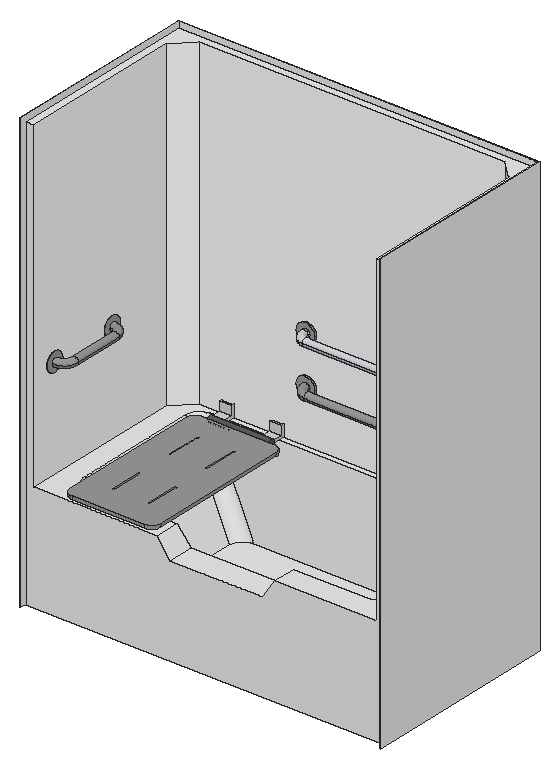
Revit family "CTS6032A18", category Plumbing Fixtures, Revit 2014
Parameters (values of type "CTS6032A18")
  Unit Width = 5' - 0"
  Unit Height = 6' - 1"
  URL = "http://www.best-bath.com"
  Type Comments = "ADA Compliant"
  Model = "CTS6032A18"
  Material [instance] = Best Bath Gelcoat Fiberglass - Classic Tile
  Manufacturer = "Best Bath Systems, Inc."
  Keynote = "22 40 00.D3"
  Description = "Classic Tile"
  Assembly Code = "D2010700"
Reference planes (in)
  plane 1 "Back": y = 0
  plane 2: z = 0
  plane 3 "Left": x = 0
  plane 4: x = 60
  plane 5: y = -32
  plane 6: z = 72
  plane 7: z = 73
  plane 8: x = 50.25
  plane 9: z = 18
  plane 10: y = -15
  plane 11: y = -1.5
  plane 12: x = 13.375
  plane 13: x = 53.25
  plane 14: y = -4
  plane 15: y = -26
  plane 16: y = -2.5
  plane 17: y = -28
  plane 18: x = 4.875
  plane 19: x = 56
  plane 20: z = 18
  plane 21: z = 15
  plane 22: z = 35
  plane 23: z = 27
  plane 24: z = 40
  plane 25: y = -33
Forms (in)
  Extrusion 1, solid, material "Best Bath Gelcoat Fiberglass - Smooth"
    sketch origin (0, 0, 0) x (1, 0, 0) y (0, 1, 0)
      loop
        line (58.5, -32) -> (60, -32) -> (60, 0) -> (0, 0) -> (0, -32) -> (1.5, -32) -> (1.5, -4.5) -> (4.5, -1.5) -> (55.5, -1.5) -> (58.5, -4.5) -> (58.5, -32)
    from 0 to 72
  Extrusion 2, solid, material "Best Bath Gelcoat Fiberglass - Smooth"
    sketch origin (0, 0, 0) x (1, 0, 0) y (0, 1, 0)
      loop
        line (0, -32) -> (60, -32) -> (60, 0) -> (0, 0) -> (0, -32)
      loop
        circle (50.25, -15) r 1
    from 0 to 18
  Blend 3, void
    base sketch origin (0, 0, 0) x (1, 0, 0) y (0, 1, 0)
      loop
        arc (15.625, -4) -> (14.03401, -4.65901) -> (13.375, -6.25) r 2.25
        line (13.375, -6.25) -> (13.375, -23.75)
        arc (13.375, -23.75) -> (14.03401, -25.34099) -> (15.625, -26) r 2.25
        line (15.625, -26) -> (51, -26)
        arc (51, -26) -> (52.59099, -25.34099) -> (53.25, -23.75) r 2.25
        line (53.25, -23.75) -> (53.25, -6.25)
        arc (53.25, -6.25) -> (52.59099, -4.65901) -> (51, -4) r 2.25
        line (51, -4) -> (15.625, -4)
    top sketch origin (0, 0, 0) x (1, 0, 0) y (0, 1, 0)
      loop
        arc (7.125, -2.5) -> (5.53401, -3.15901) -> (4.875, -4.75) r 2.25
        line (4.875, -4.75) -> (4.875, -25.75)
        arc (4.875, -25.75) -> (5.53401, -27.34099) -> (7.125, -28) r 2.25
        line (7.125, -28) -> (53.75, -28)
        arc (53.75, -28) -> (55.34099, -27.34099) -> (56, -25.75) r 2.25
        line (56, -25.75) -> (56, -4.75)
        arc (56, -4.75) -> (55.34099, -3.15901) -> (53.75, -2.5) r 2.25
        line (53.75, -2.5) -> (7.125, -2.5)
    from 2.23617 to 18
  Extrusion 4, void
    sketch origin (0, 0, 0) x (1, 0, 0) y (0, 0, 1)
      loop
        line (22.125, 18) -> (24.14853, 15) -> (39.55178, 15) -> (41.5, 18) -> (22.125, 18)
    from 26 to 32
  Extrusion 5, solid, material "Best Bath Gelcoat Fiberglass - Smooth"
    sketch origin (0, 0, 0) x (1, 0, 0) y (0, 1, 0)
      loop
        line (0, -33) -> (0.125, -33) -> (0.125, -0.125) -> (59.875, -0.125) -> (59.875, -33) -> (60, -33) -> (60, 0) -> (0, 0) -> (0, -33)
    from 0 to 73
Cuts and joins
  Extrusion 4 cuts Extrusion 1
  Blend 3, Extrusion 4 cuts Extrusion 2
  joined: Extrusion 1, Extrusion 2, Extrusion 5
Dimensions and locks (in)
  "Unit Width": plane 3 "Left" to plane 4
  locked: plane 7 to plane 6 at 1
  "Unit Height": plane 7 to level
  plane 3 "Left" to plane 8 to plane 4 = 4' - 2 1/4", 0' - 9 3/4"
  plane 10 to plane 1 "Back" = 1' - 3"
  locked: plane 13 to plane 4 at 6.75
  locked: plane 15 to plane 5 at 6
  locked: plane 3 "Left" to plane 12 at 13.375
  locked: Extrusion 1 to plane 14 at 4
  locked: plane 16 to plane 1 "Back" at 2.5
  locked: plane 17 to plane 5 at 4
  locked: plane 19 to plane 4 at 4
  locked: plane 3 "Left" to plane 18 at 4.875
  locked: Extrusion 4 sketch curve to Extrusion 4 sketch curve at 3.57709
  locked: Extrusion 4 sketch curve to Extrusion 4 sketch curve at 3.61865
  locked: plane 9 to level at 18
  locked: plane 22 to plane 9 at 17
  plane 23 to plane 9 = 0' - 9"
  locked: plane 24 to plane 9 at 22
  locked: plane 5 to plane 25 at 1
  locked: plane 25 to plane 1 "Back" at 33
  radius of Blend 3 sketch curve = 0' - 2 1/4"  (x4)
  aligned and locked: level to plane 2
  aligned and locked: plane 6 to Extrusion 1
  aligned and locked: Extrusion 1 sketch curve to plane 4
  aligned and locked: plane 5 to Extrusion 1 sketch curve
  aligned and locked: Extrusion 1 sketch curve to plane 5
  aligned and locked: Extrusion 2 sketch curve to Extrusion 1  (x3)
  aligned and locked: Extrusion 2 sketch curve to plane 1 "Back"
  aligned and locked: plane 10 to Extrusion 2 sketch curve
  aligned and locked: plane 8 to Extrusion 2 sketch curve
  aligned and locked: plane 15 to Blend 3 sketch curve
  aligned and locked: Blend 3 sketch curve to plane 14
  aligned and locked: Blend 3 sketch curve to plane 13
  aligned and locked: plane 12 to Blend 3 sketch curve
  aligned and locked: plane 18 to Blend 3 sketch curve
  aligned and locked: Blend 3 sketch curve to plane 19
  aligned and locked: plane 17 to Blend 3 sketch curve
  aligned and locked: Blend 3 sketch curve to plane 16
  aligned and locked: plane 20 to Extrusion 4 sketch curve
  aligned and locked: plane 21 to Extrusion 4 sketch curve
  aligned and locked: Extrusion 4 to plane 5
  aligned and locked: Extrusion 4 to cut or joined group of Extrusion 1, Extrusion 2, Blend 3, Extrusion 4, Extrusion 5
  aligned and locked: plane 9 to cut or joined group of Extrusion 1, Extrusion 2, Blend 3, Extrusion 4, Extrusion 5
  aligned and locked: plane 23 to nested 3
  aligned and locked: plane 7 to Extrusion 5
Automatic sketch dimensions
  plane 1 "Back" to Extrusion 1 sketch curve = 0' - 0"
  Extrusion 1 sketch curve to plane 3 "Left" = 0' - 0"
  Extrusion 1 sketch curve to plane 11 = 0' - 0"
  plane 4 to Extrusion 1 sketch curve = 0' - 1 1/2"
  Extrusion 1 sketch curve to plane 11 = 0' - 3"  (x2)
  plane 3 "Left" to Extrusion 1 sketch curve = 0' - 1 1/2"
  Extrusion 1 sketch curve to Extrusion 1 sketch curve = 0' - 3"  (x2)
  plane 18 to Blend 3 sketch curve = 0' - 2 1/4"  (x2)
  plane 17 to Blend 3 sketch curve = 0' - 2 1/4"
  Blend 3 sketch curve to plane 19 = 0' - 2 1/4"
  plane 3 "Left" to Extrusion 4 sketch curve = 1' - 10 1/8"
  plane 8 to Extrusion 4 sketch curve = 0' - 8 3/4"
  plane 1 "Back" to Extrusion 5 sketch curve = 0' - 0"
  Extrusion 5 sketch curve to plane 3 "Left" = 0' - 0"
  Extrusion 5 sketch curve to plane 25 = 0' - 0"  (x2)
  plane 1 "Back" to Extrusion 5 sketch curve = 0' - 0 1/8"
  Extrusion 5 sketch curve to plane 4 = 0' - 0"
  plane 3 "Left" to Extrusion 5 sketch curve = 0' - 0 1/8"
  Extrusion 5 sketch curve to Extrusion 5 sketch curve = 0' - 0 1/8"
  radius of Extrusion 2 sketch curve = 0' - 1"
Nested families (in)
  nested 1: "Grab Bar - L shape" at (58.5, -1.5, -1.97512) x (-1, 0, 0) z (0, 0, 1), type "27" x 36" x 1.25""
  nested 2: "Grab Bar - horiz" at (1.5, -28, 0.375) x (0, 1, 0) z (0, 0, 1), type "12" x 1.25""
  nested 3: "Grab Bar - horiz" at (22.5, -1.5, -7.625), type "24" x 1.25""
  nested 4: "Grab Bar - vertical" at (58.5, -28, 0.375) x (0, -1, 0) z (0, 0, 1), type "18" x 1.25""
  nested 5: "ADA Shower Seat" at (23.25, -18, -0.125) x (0, -1, 0) z (0, 0, 1), type "SE3015PHSO"
Definition of nested family "Grab Bar - L shape"
  Parameters (values of type "18" x 33" x 1.25"")
    Single Anchor Bar Length = 1' - 6"
    Mounting Height = 3' - 3"
    URL = "http://seachrome.com/"
    Threshold Height = 0' - 2.02488"
    Model = "GB3236QSS"
    Manufacturer = "Seachrome Corp."
    Keynote = "10 28 00.C1"
    Double Anchor Bar Length = 2' - 9"
    Description = "18\" x 33\" x 1.25\" L Grab Bar"
    Assembly Code = "C1030200"
  Types (4): name | Single Anchor Bar Length | Model | Double Anchor Bar Length | Description
    18" x 33" x 1.25" | 1' - 6" | "GB3236QSS" | 2' - 9" | "18\" x 33\" x 1.25\" L Grab Bar"
    32" x 36" x 1.25" | 2' - 8" | "GB3236QSS" | 3' - 0" | "18\" x 33\" x 1.25\" L Grab Bar"
    27" x 36" x 1.25" | 2' - 3" | "GB2736QSSW" | 3' - 0" | "18\" x 33\" x 1.25\" L Grab Bar"
    42" x 50" x 1.25" | 3' - 6" | "GB4250QSS" | 4' - 2" | "42\" x 50\" x 1.25\" L Grab Bar"
  Reference planes (in)
    plane 1 "Center (Front/Back)": y = 0
    plane 2: z = 0
    plane 3 "Center (Left/Right)": x = 0
    plane 4: z = 36.97512
    plane 5: z = -2.02488
    plane 6: y = -2.125
    plane 7: x = 2.125
    plane 8: x = 6
    plane 9: x = 33
    plane 10: y = -18
  Forms (in)
    Extrusion 1, solid, material "Stainless Steel, Brushed"
      sketch origin (0, 0, 0) x (1, 0, 0) y (0, 0, 1)
        loop
          circle (6, 36.97512) r 1.5625
        loop
          circle (33, 36.97512) r 1.5625
      from 0 to 0.25
    Extrusion 2, solid
      sketch origin (0, 0, 0) x (0, 1, 0) y (0, 0, 1)
        loop
          circle (-18, 36.97512) r 1.5
      from 0 to 0.25
    Sweep 3, solid
      path origin (0, 0, 0) x (1, 0, 0) y (0, 1, 0)
        loop
          line (0.25, -18) -> (0.625, -18)
          arc (0.625, -18) -> (1.68566, -17.56066) -> (2.125, -16.5) r 1.5
          line (2.125, -16.5) -> (2.125, -3.625)
          arc (2.125, -3.625) -> (2.56434, -2.56434) -> (3.625, -2.125) r 1.5
          line (3.625, -2.125) -> (31.5, -2.125)
          arc (31.5, -2.125) -> (32.56066, -1.68566) -> (33, -0.625) r 1.5
          line (33, -0.625) -> (33, -0.25)
      profile origin (0.4375, -18, 0) x (0, 1, 0) y (0, 0, 1)
        loop
          circle (0, 36.98831) r 0.625
    Sweep 4, solid
      path origin (0, 0, 0) x (1, 0, 0) y (0, 1, 0)
        loop
          line (6, -0.25) -> (6, -2.125)
      profile origin (6, -1.1875, 0) x (1, 0, 0) y (0, 0, 1)
        loop
          circle (0, 36.98831) r 0.62
  Dimensions and locks (in)
    "Threshold Height": level to plane 5
    "Mounting Height": plane 4 to plane 5
    locked: plane 3 "Center (Left/Right)" to plane 7 at 2.125
    locked: plane 3 "Center (Left/Right)" to plane 8 at 6
    locked: plane 6 to plane 1 "Center (Front/Back)" at 2.125
    "Double Anchor Bar Length": plane 3 "Center (Left/Right)" to plane 9
    "Single Anchor Bar Length": plane 10 to plane 1 "Center (Front/Back)"
    plane 4 to plane 5 = 3' - 3"
    level to plane 5 = 0' - 2.02488"
    aligned and locked: level to plane 2
    aligned and locked: plane 8 to Extrusion 1 sketch curve
    aligned and locked: plane 4 to Extrusion 1 sketch curve
    aligned and locked: plane 9 to Extrusion 1 sketch curve
    aligned and locked: plane 10 to Extrusion 2 sketch curve
    aligned and locked: plane 4 to Extrusion 2 sketch curve
  Automatic sketch dimensions
    Extrusion 1 sketch curve to plane 4 = 0' - 0"
    Sweep 3 sketch curve to plane 10 = 0' - 0"
    Sweep 3 sketch curve to plane 7 = 0' - 0"
    Sweep 3 sketch curve to plane 6 = 0' - 0"
    Sweep 3 sketch curve to plane 9 = 0' - 0"
    plane 3 "Center (Left/Right)" to Sweep 3 sketch curve = 0' - 0 5/8"
    Sweep 3 sketch curve to plane 6 = 0' - 1 1/2"
    plane 1 "Center (Front/Back)" to Sweep 3 sketch curve = 0' - 0 5/8"
    plane 3 "Center (Left/Right)" to Sweep 3 sketch curve = 0' - 0 1/4"
    plane 1 "Center (Front/Back)" to Sweep 3 sketch curve = 0' - 0 1/4"
    Sweep 3 sketch curve to profile plane = 0' - 0"
    level to Sweep 3 sketch curve = 3' - 0.98831"
    Sweep 4 sketch curve to plane 6 = 0' - 0"
    Sweep 4 sketch curve to plane 8 = 0' - 0"
    plane 1 "Center (Front/Back)" to Sweep 4 sketch curve = 0' - 0 1/4"
    profile plane to Sweep 4 sketch curve = 0' - 0"
    level to Sweep 4 sketch curve = 3' - 0.98831"
    radius of Extrusion 1 sketch curve = 0' - 1 9/16"  (x2)
    radius of Extrusion 2 sketch curve = 0' - 1 1/2"
    radius of Sweep 3 sketch curve = 0' - 0 5/8"
    radius of Sweep 4 sketch curve = 0' - 0.62"
Definition of nested family "Grab Bar - horiz"
  Parameters (values of type "25" x 1/25"")
    Grab Bar Size = 2' - 1"
    URL = "http://seachrome.com/"
    Threshold Height = 0' - 0 5/8"
    Mounting Height = 2' - 10"
    Model = "GB25QSS"
    Manufacturer = "Seachrome Corp."
    Keynote = "10 28 00.C1"
    Description = "25\" x 1.25\" grab bar"
    Assembly Code = "C1030200"
  Types (5): name | Grab Bar Size | Model | Description
    12" x 1.25" | 1' - 0" | "GB12QSS" | "18\" x 1.25\" grab bar"
    27" x 1.25" | 2' - 3" | "GB27QSS" | "27\" x 1.25\" grab bar"
    24" x 1.25" | 2' - 0" | "GB24QSS" | "24\" x 1.25\" grab bar"
    48" x 1.25" | 4' - 0" | "GB48QSS" | "48\" x 1.25\" grab bar"
    25" x 1/25" | 2' - 1" | "GB25QSS" | "25\" x 1.25\" grab bar"
  Reference planes (in)
    plane 1 "Center (Front/Back)": y = 0
    plane 2: z = 0
    plane 3 "Center (Left/Right)": x = 0
    plane 4: z = 34.625
    plane 5: z = 0.625
    plane 6: x = 25
  Forms (in)
    Extrusion 1, solid, material "Stainless Steel, Brushed"
      sketch origin (0, 0, 0) x (1, 0, 0) y (0, 0, 1)
        loop
          circle (0, 34.625) r 1.5625
        loop
          circle (25, 34.625) r 1.5625
      from 0 to 0.25
    Sweep 2, solid, material "Stainless Steel, Brushed"
      path origin (0, 0, 0) x (1, 0, 0) y (0, 1, 0)
        loop
          line (0, -0.25) -> (0, -0.375)
          arc (0, -0.375) -> (0.51256, -1.61244) -> (1.75, -2.125) r 1.75
          line (1.75, -2.125) -> (23.25, -2.125)
          arc (23.25, -2.125) -> (24.48744, -1.61244) -> (25, -0.375) r 1.75
          line (25, -0.375) -> (25, -0.25)
      profile origin (12.5, -2.125, 0) x (0, 1, 0) y (0, 0, 1)
        loop
          circle (0, 34.625) r 0.625
  Dimensions and locks (in)
    "Threshold Height": plane 5 to level
    "Mounting Height": plane 4 to plane 5
    "Grab Bar Size": plane 6 to plane 3 "Center (Left/Right)"
    Sweep 2 sketch curve to plane 1 "Center (Front/Back)" = 0' - 2 1/8"
    aligned and locked: level to plane 2
  Automatic sketch dimensions
    Extrusion 1 sketch curve to plane 3 "Center (Left/Right)" = 0' - 0"
    Extrusion 1 sketch curve to plane 4 = 0' - 0"  (x2)
    Extrusion 1 sketch curve to plane 6 = 0' - 0"
    Sweep 2 sketch curve to plane 3 "Center (Left/Right)" = 0' - 0"
    plane 1 "Center (Front/Back)" to Sweep 2 sketch curve = 0' - 0 3/8"
    Sweep 2 sketch curve to plane 6 = 0' - 0"
    Sweep 2 sketch curve to plane 6 = 0' - 1 3/4"
    Sweep 2 sketch curve to Sweep 2 sketch curve = 0' - 0 1/8"  (x2)
    Sweep 2 sketch curve to profile plane = 0' - 0"
    level to Sweep 2 sketch curve = 2' - 10 5/8"
    radius of Extrusion 1 sketch curve = 0' - 1 9/16"  (x2)
    radius of Sweep 2 sketch curve = 0' - 0 5/8"
Definition of nested family "Grab Bar - vertical"
  Parameters (values of type "18" x 1.25"")
    Wall Clearance = 0' - 2 1/8"
    Mounting Height = 3' - 3"
    Grab Bar Size = 1' - 6"
    URL = "http://seachrome.com/"
    Threshold Height = 0' - 0 5/8"
    Model = "GB18QSS"
    Manufacturer = "Seachrome Corp."
    Keynote = "10 28 00.C1"
    Description = "18\" x 1.25\" grab bar"
    Assembly Code = "C1030200"
  Reference planes (in)
    plane 1 "Center (Front/Back)": y = 0
    plane 2: z = 0
    plane 3 "Center (Left/Right)": x = 0
    plane 4: z = 39.625
    plane 5: z = 57.625
    plane 6: z = 0.625
  Forms (in)
    Sweep 1, solid, material "Stainless Steel, Brushed"
      path origin (0, 0, 0) x (0, 1, 0) y (0, 0, 1)
        loop
          line (-0.25, 39.625) -> (-0.375, 39.625)
          arc (-0.375, 39.625) -> (-1.61244, 40.13756) -> (-2.125, 41.375) r 1.75
          line (-2.125, 41.375) -> (-2.125, 55.875)
          arc (-2.125, 55.875) -> (-1.61244, 57.11244) -> (-0.375, 57.625) r 1.75
          line (-0.375, 57.625) -> (-0.25, 57.625)
      profile origin (0, -0.3125, 39.625) x (0, 0, -1) y (1, 0, 0)
        loop
          circle (0, 0) r 0.625
    Extrusion 2, solid, material "Stainless Steel, Brushed"
      sketch origin (0, 0, 0) x (1, 0, 0) y (0, 0, 1)
        loop
          circle (0, 39.625) r 1.5625
        loop
          circle (0, 57.625) r 1.5625
      from 0 to 0.25
  Dimensions and locks (in)
    "Grab Bar Size": plane 5 to plane 4
    Extrusion 2 to Sweep 1 sketch curve = 0' - 1 7/8"
    "Threshold Height": plane 6 to level
    "Mounting Height": plane 4 to plane 6
    aligned and locked: level to plane 2
    aligned and locked: plane 5 to Sweep 1 sketch curve
    aligned and locked: Sweep 1 sketch curve to plane 4
  Automatic sketch dimensions
    Sweep 1 sketch curve to plane 3 "Center (Left/Right)" = 0' - 0"
    Sweep 1 sketch curve to profile plane = 0' - 0"
    Extrusion 2 sketch curve to plane 3 "Center (Left/Right)" = 0' - 0"  (x2)
    Extrusion 2 sketch curve to plane 4 = 0' - 0"
    Extrusion 2 sketch curve to plane 5 = 0' - 0"
    Sweep 1 sketch curve to plane 5 = 0' - 1 3/4"
    plane 1 "Center (Front/Back)" to Sweep 1 sketch curve = 0' - 0 1/4"
    Sweep 1 sketch curve to Sweep 1 sketch curve = 0' - 0 1/8"
    Sweep 1 sketch curve to plane 5 = 0' - 0"
    plane 4 to Sweep 1 sketch curve = 0' - 1 3/4"
    radius of Sweep 1 sketch curve = 0' - 0 5/8"
    radius of Extrusion 2 sketch curve = 0' - 1 9/16"  (x2)
Definition of nested family "ADA Shower Seat"
  Parameters (values of type "SE3015PHSO")
    URL = "http://seachrome.com/"
    Seat Width = 2' - 3"
    Seat Height = 1' - 6"
    Seat Depth = 1' - 3"
    Model = "SE3015PHSO"
    Manufacturer = "Seachrome"
    Keynote = "22 40 00.B7"
    Description = "32\" x 16\" fold down seat with swing-down legs, phenolic"
    Assembly Code = "C1030200"
  Reference planes (in)
    plane 1 "Center (Front/Back)": y = 0
    plane 2: z = 0
    plane 3 "Center (Left/Right)": x = 0
    plane 4: x = 13.5
    plane 5: x = -13.5
    plane 6: y = -2.25
    plane 7: y = -17.25
    plane 8: z = 18.125
    plane 9: z = 18.625
    plane 10: y = -9.75
    plane 11: x = 12.5
    plane 12: x = -12.5
    plane 13: z = 3.125
    plane 14: x = -8.75
    plane 15: x = 8.75
    plane 16: z = 14.875
    plane 17: y = -14.875
    plane 18: y = -4.625
    plane 19: z = 0.625
    plane 20: x = -3.25
    plane 21: x = 3.25
  Forms (in)
    Extrusion 1, solid, material "UHMW, White"
      sketch origin (0, 0, 0) x (1, 0, 0) y (0, 1, 0)
        loop
          line (12, -2.25) -> (-12, -2.25)
          arc (-12, -2.25) -> (-13.06066, -2.68934) -> (-13.5, -3.75) r 1.5
          line (-13.5, -3.75) -> (-13.5, -15.75)
          arc (-13.5, -15.75) -> (-13.06066, -16.81066) -> (-12, -17.25) r 1.5
          line (-12, -17.25) -> (12, -17.25)
          arc (12, -17.25) -> (13.06066, -16.81066) -> (13.5, -15.75) r 1.5
          line (13.5, -15.75) -> (13.5, -3.75)
          arc (13.5, -3.75) -> (13.06066, -2.68934) -> (12, -2.25) r 1.5
        loop
          line (3.25, -12.5968) -> (3.25, -12.92762) -> (8.75, -12.92762) -> (8.75, -12.5968) -> (3.25, -12.5968)
        loop
          line (-3.25, -12.5968) -> (-8.75, -12.5968) -> (-8.75, -12.92762) -> (-3.25, -12.92762) -> (-3.25, -12.5968)
        loop
          line (3.25, -6.93984) -> (8.75, -6.93984) -> (8.75, -6.60902) -> (3.25, -6.60902) -> (3.25, -6.93984)
        loop
          line (-3.25, -6.93984) -> (-3.25, -6.60902) -> (-8.75, -6.60902) -> (-8.75, -6.93984) -> (-3.25, -6.93984)
      from 18.125 to 18.625
    Extrusion 2, solid, material "Plastic black"
      sketch origin (0, 0, 0) x (1, 0, 0) y (0, 0, 1)
        loop
          circle (-14.05099, 18.375) r 0.5
      from 4.625 to 14.875
    Extrusion 3, solid
      sketch origin (0, 0, 0) x (1, 0, 0) y (0, 0, 1)
        loop
          line (-14.55262, 18.125) -> (-14.55262, 18.625) -> (-16.05262, 18.625) -> (-16.05262, 20.125) -> (-16.55262, 20.125) -> (-16.55262, 18.125) -> (-14.55262, 18.125)
      from 4.625 to 14.875
    Extrusion 4, void
      sketch origin (0, 0, 0) x (1, 0, 0) y (0, 0, 1)
        loop
          line (-18.81546, 20.96567) -> (-18.81546, 16.96567) -> (-14.55262, 16.96567) -> (-14.55262, 20.96567) -> (-18.81546, 20.96567)
      from 6.48402 to 12.92762
  Cuts and joins
    Extrusion 4 cuts Extrusion 3
  Dimensions and locks (in)
    equal spacing: plane 5, plane 3 "Center (Left/Right)", plane 4
    "Seat Width": plane 5 to plane 4
    "Seat Depth": plane 7 to plane 6
    plane 6 to plane 1 "Center (Front/Back)" = 0' - 2 1/4"
    locked: plane 9 to plane 8 at 0.5
    equal spacing: plane 7, plane 10, plane 6
    equal spacing: plane 11, plane 3 "Center (Left/Right)", plane 12
    equal spacing: plane 14, plane 3 "Center (Left/Right)", plane 15
    locked: plane 19 to level at 0.625
    "Seat Height": plane 9 to plane 19
    plane 18 to plane 17 = 0' - 10 1/4"
    equal spacing: plane 18, plane 10, plane 17
    plane 14 to plane 20 = 0' - 5 1/2"
    plane 21 to plane 15 = 0' - 5 1/2"
    aligned and locked: plane 2 to level
    aligned and locked: Extrusion 1 sketch curve to plane 6
    aligned and locked: plane 4 to Extrusion 1 sketch curve
    aligned and locked: plane 9 to Extrusion 1
    aligned and locked: Extrusion 1 to plane 8
    aligned and locked: Extrusion 2 to plane 17
    aligned and locked: plane 18 to Extrusion 2
    aligned and locked: Extrusion 1 sketch curve to plane 14
    aligned and locked: plane 14 to Extrusion 1 sketch curve
    aligned and locked: Extrusion 1 sketch curve to plane 15
    aligned and locked: Extrusion 1 sketch curve to plane 20
    aligned and locked: plane 20 to Extrusion 1 sketch curve
    aligned and locked: Extrusion 1 sketch curve to plane 21
    aligned and locked: plane 21 to Extrusion 1 sketch curve
    aligned and locked: Extrusion 3 to Extrusion 2
    aligned and locked: Extrusion 2 to Extrusion 3
  Automatic sketch dimensions
    plane 8 to Extrusion 2 sketch curve = 0' - 0 1/4"
    Extrusion 2 sketch curve to plane 5 = 0' - 0.55099"
    Extrusion 3 sketch curve to plane 8 = 0' - 0"
    Extrusion 3 sketch curve to plane 9 = 0' - 0"
    Extrusion 3 sketch curve to plane 5 = 0' - 2.55262"
    Extrusion 3 sketch curve to plane 5 = 0' - 1.05262"
    Extrusion 3 sketch curve to Extrusion 3 sketch curve = 0' - 1 1/2"
    Extrusion 3 sketch curve to Extrusion 3 sketch curve = 0' - 0 1/2"
    Extrusion 4 sketch curve to plane 8 = 0' - 1.15933"
    Extrusion 4 sketch curve to plane 5 = 0' - 5.31546"
    Extrusion 4 sketch curve to plane 5 = 0' - 1.05262"
    plane 9 to Extrusion 4 sketch curve = 0' - 2.34067"
    Extrusion 1 sketch curve to plane 5 = 0' - 0"
    plane 7 to Extrusion 1 sketch curve = 0' - 0"
    Extrusion 1 sketch curve to plane 15 = 0' - 0"
    plane 12 to Extrusion 1 sketch curve = 0' - 0 1/2"  (x2)
    Extrusion 1 sketch curve to plane 11 = 0' - 0 1/2"  (x2)
    Extrusion 1 sketch curve to Extrusion 1 sketch curve = 0' - 0.33082"  (x4)
    Extrusion 1 sketch curve to plane 18 = 0' - 2.31484"  (x2)
    plane 17 to Extrusion 1 sketch curve = 0' - 1.94738"  (x2)
    radius of Extrusion 2 sketch curve = 0' - 0 1/2"
